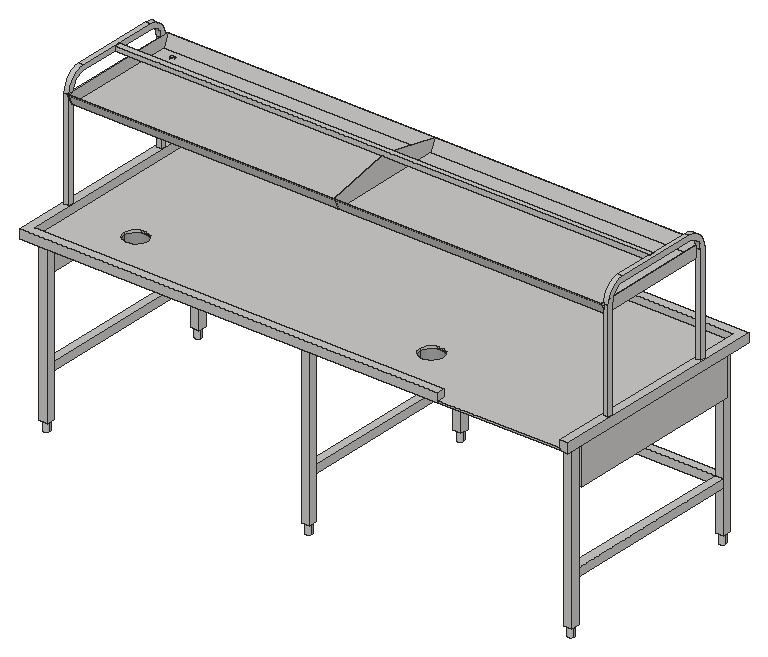
Revit family "QF_ELECTROLUXPROFESSIONAL_865347_BHST2711L", category Attrezzature speciali, Revit 2020
Family settings
  Quota connettore circolare = Usa diametro
  Tipo di parte = Normale
  Basato su piano di lavoro = No
  Sempre verticale = Sì
  Taglio con vuoti quando caricato = No
  Condiviso = No
  Punto di calcolo locali = No
Parameters (values of type "Standard")
  Weight = 25.00 kg
  Watts = 0 W
  Volts = 0 V
  URL Manufacturer = "https://www.electroluxprofessional.com/"
  URL = "https://www.electroluxprofessional.com/"
  Steam Supply Size = 0 mm
  Steam Supply Minimum Pressure = 0.0 Pa
  Steam Supply Maximum Pressure = 0.0 Pa
  Steam Consumption per Hour = 0
  Refrigeration Suction Line Size = 0 mm
  Refrigeration Liquid Line Size = 0 mm
  Refrigerant Compressor Remote = yes
  Prospetto di default = 0 mm
  Produttore = "Electrolux Professional"
  Phase = 0
  Modello = "BHST2711L"
  Length Actual = 2700 mm  # constant formula
  Item Number = "865347"
  Hot Water Size = 0 mm
  Height Actual = 1551 mm  # constant formula
  HP = "0 HP"
  Gas Size = 0 mm
  Gas KW = 0
  Gas Input Pressure = 0 W
  Direct Waste Size = 0 mm
  Description = "SORTING TABLE, LEFT>RIGHT, 2700X1100 MM "
  Depth Actual = 1100 mm  # constant formula
  Cycle = 0 Hz
  Condensate Return Size = 0 mm
  Compressed Air Volume = 0.0 L/s
  Compressed Air Size = 0 mm
  Compressed Air Pressure = 0.0 Pa
  Cold Water Size = 0 mm
  Accessory = yes
Reference planes
  plane 1 "Centro (Fronte/Retro)": y = 0
  plane 2: z = 0
  plane 3 "Centro (Sinistra/Destra)": x = 0
  plane 4: z = 1492
  plane 5: x = 20
  plane 6: y = -557.5
  plane 7: x = 56
  plane 8: x = 2700
  plane 9: x = 1350
  plane 10: y = -1115
  plane 11: y = -88
  plane 12: y = -1023
Forms (mm)
  Extrusion 1, solid, material "QF_Finishes_Stainless Steel"
    sketch origin (0, 0, 865) x (1, 0, 0) y (0, 1, 0)
      loop
        line (40, -1075) -> (2060, -1075) -> (2060, -1115) -> (2660, -1115) -> (2660, -40) -> (40, -40) -> (40, -1075)
    from 0 to 10
  Extrusion 2, solid, material "QF_Finishes_Stainless Steel"
    sketch origin (36, -178, 0) x (0, 1, 0) y (0, 0, 1)
      loop
        line (70, 299.579) -> (-825, 299.579) -> (-825, 259.579) -> (70, 259.579) -> (70, 299.579)
    from 0 to 40
  Sweep 3, solid, material "QF_Finishes_Stainless Steel"
    path origin (0, -178, -12) x (0, 1, 0) y (0, 0, 1)
      loop
        line (-95, 922) -> (-95, 1412)
        arc (-95, 1412) -> (-118.431, 1468.569) -> (-175, 1492) r 80
        line (-175, 1492) -> (-584, 1492)
        arc (-584, 1492) -> (-640.569, 1468.569) -> (-664, 1412) r 80
        line (-664, 1412) -> (-664, 922)
    profile origin (0, -273, 1155) x (0, -1, 0) y (1, 0, 0)
      loop
        line (-12, 8) -> (12, 8) -> (12, 32) -> (-12, 32) -> (-12, 8)
  Extrusion 4, solid, material "QF_Finishes_Stainless Steel"
    sketch origin (0, -178, 0) x (0, 1, 0) y (0, 0, 1)
      loop
        line (70, 865) -> (-825, 865) -> (-825, 660) -> (70, 660) -> (70, 865)
    from 20 to 36
  Extrusion 5, solid, material "QF_Finishes_Stainless Steel"
    sketch origin (-964, -68, 0) x (1, 0, 0) y (0, 1, 0)
      loop
        line (1000, 0) -> (1000, -40) -> (1040, -40) -> (1040, 0) -> (1000, 0)
    from 45 to 865
  Extrusion 6, solid, material "QF_Finishes_Stainless Steel"
    sketch origin (-964, -68, 0) x (1, 0, 0) y (0, 1, 0)
      loop
        circle (1020, -20) r 15
    from 0 to 45
  Extrusion 7, solid, material "QF_Finishes_Stainless Steel"
    sketch origin (-964, -1003, 0) x (1, 0, 0) y (0, 1, 0)
      loop
        line (1000, 0) -> (1000, -40) -> (1040, -40) -> (1040, 0) -> (1000, 0)
    from 45 to 865
  Extrusion 8, solid, material "QF_Finishes_Stainless Steel"
    sketch origin (-964, -1003, 0) x (1, 0, 0) y (0, 1, 0)
      loop
        circle (1020, -20) r 15
    from 0 to 45
  Extrusion 9, solid, material "QF_Finishes_Stainless Steel"
    sketch origin (0, -28, 0) x (1, 0, 0) y (0, 0, 1)
      loop
        line (76, 259.624) -> (1330, 259.624) -> (1330, 299.579) -> (76, 299.579) -> (76, 259.624)
    from 40 to 80
  Extrusion 10, solid, material "QF_Finishes_Stainless Steel"
    sketch origin (0, -178, -12) x (0, 1, 0) y (0, 0, 1)
      loop
        line (-367.5, 1504) -> (-391.5, 1504) -> (-391.5, 1480) -> (-367.5, 1480) -> (-367.5, 1504)
    from 32 to 2668
  Extrusion 11, void
    sketch origin (0, -178, -12) x (1, 0, 0) y (0, 1, 0)
      loop
        circle (108.268, -136.161) r 12
    from 1301.755 to 1377.519
  Extrusion 12, solid, material "QF_Finishes_Stainless Steel"
    sketch origin (0, -178, -12) x (1, 0, 0) y (0, 1, 0)
      loop
        circle (108.21, -136.146) r 13
    from 1316.037 to 1362.532
  Extrusion 13, void
    sketch origin (0, -178, -12) x (1, 0, 0) y (0, 1, 0)
      loop
        circle (108.268, -136.161) r 10
    from 1301.755 to 1377.519
  Extrusion 14, solid, material "QF_Finishes_Stainless Steel"
    sketch origin (251, -178, 0) x (0, 1, 0) y (0, 0, 1)
      loop
        line (-367.5, 1468) -> (-391.5, 1468) -> (-687.809, 1406.976) -> (-663.034, 1353.844) -> (-95.966, 1353.844) -> (-71.191, 1406.976) -> (-367.5, 1468)
    from 1098 to 1100
  Extrusion 15, void
    sketch origin (32, -178, -6.687) x (0, 1, 0) y (0, 0, 1)
      loop
        line (-56.629, 1444.891) -> (-702.371, 1444.891) -> (-663.034, 1360.532) -> (-95.966, 1360.532) -> (-56.629, 1444.891)
    from 3.287 to 2634
  Extrusion 16, solid, material "QF_Finishes_Stainless Steel"
    sketch origin (32, -178, -12) x (0, 1, 0) y (0, 0, 1)
      loop
        line (-70.92, 1418.976) -> (-688.08, 1418.976) -> (-661.76, 1362.532) -> (-97.24, 1362.532) -> (-70.92, 1418.976)
    from 0 to 2636
  Extrusion 17, solid, material "QF_Finishes_Stainless Steel"
    sketch origin (2664, -178, 0) x (0, 1, 0) y (0, 0, -1)
      loop
        line (70, -299.579) -> (70, -259.579) -> (-825, -259.579) -> (-825, -299.579) -> (70, -299.579)
    from 0 to 40
  Sweep 18, solid, material "QF_Finishes_Stainless Steel"
    path origin (2700, -178, -12) x (0, 1, 0) y (0, 0, -1)
      loop
        line (-95, -922) -> (-95, -1412)
        arc (-95, -1412) -> (-118.431, -1468.569) -> (-175, -1492) r 80
        line (-175, -1492) -> (-584, -1492)
        arc (-584, -1492) -> (-640.569, -1468.569) -> (-664, -1412) r 80
        line (-664, -1412) -> (-664, -922)
    profile origin (2700, -273, 1155) x (0, 1, 0) y (-1, 0, 0)
      loop
        line (12, 8) -> (12, 32) -> (-12, 32) -> (-12, 8) -> (12, 8)
  Extrusion 19, solid, material "QF_Finishes_Stainless Steel"
    sketch origin (2700, -178, 0) x (0, 1, 0) y (0, 0, -1)
      loop
        line (70, -865) -> (70, -660) -> (-825, -660) -> (-825, -865) -> (70, -865)
    from 20 to 36
  Extrusion 20, solid, material "QF_Finishes_Stainless Steel"
    sketch origin (3664, -68, 0) x (-1, 0, 0) y (0, -1, 0)
      loop
        line (1000, 0) -> (1040, 0) -> (1040, 40) -> (1000, 40) -> (1000, 0)
    from 45 to 865
  Extrusion 21, solid, material "QF_Finishes_Stainless Steel"
    sketch origin (3664, -68, 0) x (-1, 0, 0) y (0, -1, 0)
      loop
        circle (1020, 20) r 15
    from 0 to 45
  Extrusion 22, solid, material "QF_Finishes_Stainless Steel"
    sketch origin (3664, -1003, 0) x (-1, 0, 0) y (0, -1, 0)
      loop
        line (1000, 0) -> (1040, 0) -> (1040, 40) -> (1000, 40) -> (1000, 0)
    from 45 to 865
  Extrusion 23, solid, material "QF_Finishes_Stainless Steel"
    sketch origin (3664, -1003, 0) x (-1, 0, 0) y (0, -1, 0)
      loop
        circle (1020, 20) r 15
    from 0 to 45
  Extrusion 24, solid, material "QF_Finishes_Stainless Steel"
    sketch origin (1370, -178, 0) x (0, 1, 0) y (0, 0, -1)
      loop
        line (70, -299.579) -> (70, -259.579) -> (-825, -259.579) -> (-825, -299.579) -> (70, -299.579)
    from 0 to 40
  Extrusion 25, solid, material "QF_Finishes_Stainless Steel"
    sketch origin (2370, -68, 0) x (-1, 0, 0) y (0, -1, 0)
      loop
        line (1000, 0) -> (1040, 0) -> (1040, 40) -> (1000, 40) -> (1000, 0)
    from 45 to 865
  Extrusion 26, solid, material "QF_Finishes_Stainless Steel"
    sketch origin (2370, -68, 0) x (-1, 0, 0) y (0, -1, 0)
      loop
        circle (1020, 20) r 15
    from 0 to 45
  Extrusion 27, solid, material "QF_Finishes_Stainless Steel"
    sketch origin (2370, -1003, 0) x (-1, 0, 0) y (0, -1, 0)
      loop
        line (1000, 0) -> (1040, 0) -> (1040, 40) -> (1000, 40) -> (1000, 0)
    from 45 to 865
  Extrusion 28, solid, material "QF_Finishes_Stainless Steel"
    sketch origin (2370, -1003, 0) x (-1, 0, 0) y (0, -1, 0)
      loop
        circle (1020, 20) r 15
    from 0 to 45
  Extrusion 29, solid, material "QF_Finishes_Stainless Steel"
    sketch origin (1294, -28, 0) x (1, 0, 0) y (0, 0, 1)
      loop
        line (76, 259.624) -> (1330, 259.624) -> (1330, 299.579) -> (76, 299.579) -> (76, 259.624)
    from 40 to 80
  Extrusion 30, void
    sketch origin (960, -349.25, 0) x (-1, 0, 0) y (0, -1, 0)
      loop
        circle (610, 490) r 58
    from 674.596 to 947.421
  Extrusion 31, void
    sketch origin (2420, -349.25, 0) x (-1, 0, 0) y (0, -1, 0)
      loop
        circle (610, 490) r 58
    from 674.596 to 947.421
  Extrusion 32, solid, material "QF_Finishes_Stainless Steel"
    sketch origin (2700, 0, 865) x (-1, 0, 0) y (0, -1, 0)
      loop
        line (0, 0) -> (2700, 0) -> (2700, 1115) -> (640, 1115) -> (640, 1075) -> (2660, 1075) -> (2660, 40) -> (40, 40) -> (40, 1115) -> (0, 1115) -> (0, 0)
    from 0 to 45
Cuts and joins
  Extrusion 11 cuts Extrusion 12
  Extrusion 30, Extrusion 31 cuts Extrusion 1
  Extrusion 13, Extrusion 15 cuts Extrusion 16
Dimensions and locks
  plane 4 to level = 1492 mm  (x2)
  plane 8 to plane 3 "Centro (Sinistra/Destra)" = 2700 mm
  plane 1 "Centro (Fronte/Retro)" to plane 10 = 1115 mm  (x2)
  Extrusion 5 to Extrusion 7 = 895 mm
  plane 11 to plane 12 = 935 mm
  Extrusion 9 to Extrusion 9 = 39.955 mm
  Sweep 3 to Sweep 3 = 545 mm
  plane 3 "Centro (Sinistra/Destra)" to plane 8 = 2700 mm
  aligned and locked: level to plane 2
  aligned and locked: Extrusion 6 to Extrusion 5
  aligned and locked: Extrusion 8 to Extrusion 7
  aligned and locked: Extrusion 20 to Extrusion 21
  aligned and locked: Extrusion 22 to Extrusion 23
  aligned and locked: Extrusion 25 to Extrusion 26
  aligned and locked: Extrusion 27 to Extrusion 28
Nested families
  nested 1: "FORO_IMMONDIZIE - 200" at (350, -839, 863.471) x (-1, 0, 0) z (0, 0, 1), type "FORO_IMMONDIZIE - 200"
  nested 2: "FORO_IMMONDIZIE - 200" at (1810, -839, 863.471) x (-1, 0, 0) z (0, 0, 1), type "FORO_IMMONDIZIE - 200"
Definition of nested family "FORO_IMMONDIZIE - 200"
  Parameters (values of type "FORO_IMMONDIZIE - 200")
    Default Elevation = 1219.2 mm
  Reference planes
    plane 1 "Centro (Fronte/Retro)": y = 0
    plane 2: z = 0
    plane 3 "Centro (Sinistra/Destra)": x = 0
    plane 4: z = -110
  Forms (mm)
    Extrusion 1, solid, not visible
      sketch origin (0, 0, 0) x (1, 0, 0) y (0, 1, 0)
        loop
          line (-1219.2, 1219.2) -> (-1219.2, -1219.2) -> (1219.2, -1219.2) -> (1219.2, 1219.2) -> (-1219.2, 1219.2)
      from 0 to -304.8
    Extrusion 2, solid
      sketch origin (0, 0, 0) x (1, 0, 0) y (0, 1, 0)
        loop
          circle (0, 0) r 60
        loop
          circle (0, 0) r 90
      from -110 to 1.529
  Dimensions and locks
    aligned and locked: plane 2 to Extrusion 1
    aligned and locked: level to Extrusion 1
